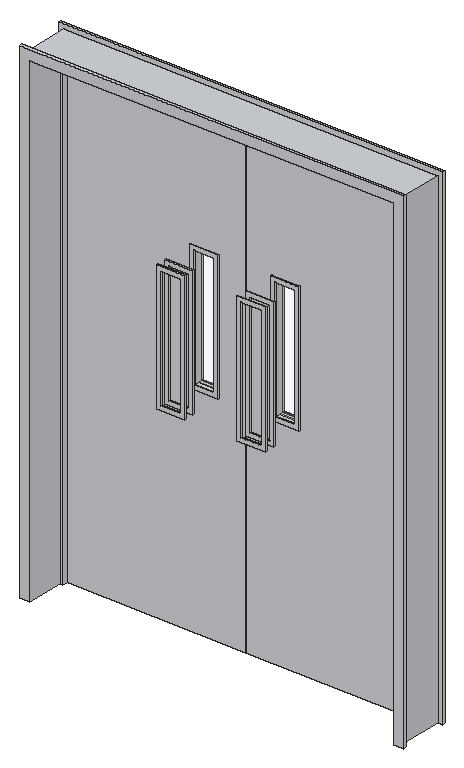
Revit family "DOOR_Double Flush_Vision Lites", category Doors, host Wall, Revit 2024
Family settings
  Host = Wall
  Always vertical = Yes
  Cut with Voids When Loaded = No
  Shared = No
  Room Calculation Point = No
Parameters (values of type "1800mm x 2400mm")
  Width_Panel = Width / 2  # 900 mm
  Vision Panel Width = 100 mm
  Vision Panel Height = 600 mm
  Vision Panel Frame Width = 20 mm
  Vision Panel Distance to Top = 700 mm
  Vision Panel Distance to Edge = 150 mm
  Vision Panel Depth = 25 mm
  Thickness = 45 mm
  Rough Width = Width + (2 * Rough In Gap)  # 1850 mm
  Rough In Gap = 25 mm
  Rough Height [instance] = Height + Rough In Gap  # 2425 mm
  EA_Repath [instance] = 0 mm
  Double Swing - Right Door [instance] = no
  Rabbit Width = 16 mm
  Rabbit Inset Distance from Front Trim = 45 mm
  Rabbit Depth = 25 mm
  Double Swing - Left Door [instance] = no
  Height = 2400 mm
  Wall Closure = By host
  Width = 1800 mm
  Function = Interior
  Frame Trim Width = 50 mm
  Frame Trim Thickness = 12.5 mm
  Double ADA Clearance Lines [instance] = no
  Door_$Panel_Material [instance] = none
  Door_$Leaf1_3DSwing_Angle [instance] = 0.00°
  Door_$Leaf1_2DSwing_Angle [instance] = 90.00°
  Door_$Frame_Material [instance] = none
  Define Thermal Properties by = Schematic Type
  Assembly Code = "C1020"
  Analytic Construction = "<None>"
  Single ADA Clearance Lines [instance] = no
Types (3, lengths in mm): name | Vision Panel Distance to Top | Rough Height | Height
  1800mm x 2700mm | 1000 | 2725 | 2700
  1800mm x 2400mm | 700 | 2425 | 2400
  1800mm x 2100mm | 400 | 2125 | 2100
Reference planes
  plane 1 "Center (Front/Back)": y = 0
  plane 2 "Center (Left/Right)": x = 0
  plane 3 "Left": x = -900
  plane 4 "Right": x = 900
  plane 5 "Top": z = 2400
  plane 6: y = 114.3
  plane 7: y = -114.3
Forms (mm)
  Sweep 1, solid, material <- "Door_$Frame_Material"
    path origin (0, 0, 0) x (1, 0, 0) y (0, 0, 1)
      loop
        line (900, 0) -> (900, 2400) -> (-900, 2400) -> (-900, 0)
    profile origin (900, 0, 1200) x (-1, 0, 0) y (0, -1, 0)
      loop
        line (-25.4, 114.3) -> (-25.4, -114.3) -> (-50, -114.3) -> (-50, -126.8) -> (0, -126.8) -> (0, -81.8) -> (16, -81.8) -> (16, -56.8) -> (0, -56.8) -> (0, 126.8) -> (-50, 126.8) -> (-50, 114.3) -> (-25.4, 114.3)
  Extrusion 2, solid
    sketch origin (0, 126.4, 0) x (1, 0, 0) y (0, 0, -1)
      loop
        line (250, -1700) -> (250, -1100) -> (150, -1100) -> (150, -1700) -> (250, -1700)
      loop
        line (270, -1720) -> (270, -1080) -> (130, -1080) -> (130, -1720) -> (270, -1720)
    from 0 to 6.35
  Extrusion 3, solid
    sketch origin (0, 126.4, 0) x (0, 0, -1) y (-1, 0, 0)
      loop
        line (-1700, 250) -> (-1700, 150) -> (-1100, 150) -> (-1100, 250) -> (-1700, 250)
      loop
        line (-1080, 130) -> (-1080, 270) -> (-1720, 270) -> (-1720, 130) -> (-1080, 130)
    from 0 to 6.35
  Extrusion 4, solid
    sketch origin (0, 81.4, 0) x (0, 0, 1) y (-1, 0, 0)
      loop
        line (1100, 250) -> (1100, 150) -> (1700, 150) -> (1700, 250) -> (1100, 250)
      loop
        line (1080.95, 269.05) -> (1080.95, 130.95) -> (1719.05, 130.95) -> (1719.05, 269.05) -> (1080.95, 269.05)
    from 0 to 6.35
  Extrusion 5, solid
    sketch origin (0, 81.4, 0) x (1, 0, 0) y (0, 0, 1)
      loop
        line (250, 1100) -> (250, 1700) -> (150, 1700) -> (150, 1100) -> (250, 1100)
      loop
        line (270, 1080) -> (270, 1720) -> (130, 1720) -> (130, 1080) -> (270, 1080)
    from 0 to 6.35
  Extrusion 6, solid
    sketch origin (0, -126.4, 0) x (0, 0, -1) y (1, 0, 0)
      loop
        line (-1700, 150) -> (-1100, 150) -> (-1100, 250) -> (-1700, 250) -> (-1700, 150)
      loop
        line (-1720, 130) -> (-1080, 130) -> (-1080, 270) -> (-1720, 270) -> (-1720, 130)
    from 0 to 6.35
  Extrusion 7, solid
    sketch origin (0, -126.4, 0) x (-1, 0, 0) y (0, 0, -1)
      loop
        line (150, -1700) -> (250, -1700) -> (250, -1100) -> (150, -1100) -> (150, -1700)
      loop
        line (270, -1080) -> (130, -1080) -> (130, -1720) -> (270, -1720) -> (270, -1080)
    from 0 to 6.35
  Extrusion 8, solid
    sketch origin (0, -81.4, 0) x (0, 0, 1) y (1, 0, 0)
      loop
        line (1700, 250) -> (1100, 250) -> (1100, 150) -> (1700, 150) -> (1700, 250)
      loop
        line (1720, 270) -> (1080, 270) -> (1080, 130) -> (1720, 130) -> (1720, 270)
    from 0 to 6.35
  Extrusion 9, solid
    sketch origin (0, -81.4, 0) x (-1, 0, 0) y (0, 0, 1)
      loop
        line (250, 1700) -> (150, 1700) -> (150, 1100) -> (250, 1100) -> (250, 1700)
      loop
        line (130, 1080) -> (270, 1080) -> (270, 1720) -> (130, 1720) -> (130, 1080)
    from 0 to 6.35
Lines and regions (mm)
  Opening 1
    outline origin (-2286, -114.3, 0) x (1, 0, 0) y (0, 0, 1)
      loop
        line (1361, 0) -> (3211, 0) -> (3211, 2425) -> (1361, 2425) -> (1361, 0)
  symbolic lines, style "Elevation Swing"
    curve 1: line (0, 114.3, 0) -> (-900, 114.3, 1200)
    curve 2: line (-900, 114.3, 1200) -> (0, 114.3, 2400)
    curve 3: line (0, 114.3, 0) -> (900, 114.3, 1200)
    curve 4: line (900, 114.3, 1200) -> (0, 114.3, 2400)
  symbolic lines, style "ADA Clearance Lines", visible <- "Single ADA Clearance Lines"
    curve 5: line (-855.55, 1638.3, 0) -> (855.55, 1638.3, 0)
    curve 6: line (-855.55, -1333.5, 0) -> (-855.55, 1638.3, 0)
    curve 7: line (855.55, -1333.5, 0) -> (-855.55, -1333.5, 0)
    curve 8: line (855.55, 1638.3, 0) -> (855.55, -1333.5, 0)
  symbolic lines, style "Doors"
    curve 9: line (0, -127, 0) -> (0, 127, 0)
  symbolic lines, style "ADA Clearance Lines", visible <- "Double ADA Clearance Lines"
    curve 10: line (-855.55, 1638.3, 0) -> (855.55, 1638.3, 0)
    curve 11: line (-855.55, -1638.3, 0) -> (-855.55, 1638.3, 0)
    curve 12: line (855.55, -1638.3, 0) -> (-855.55, -1638.3, 0)
    curve 13: line (855.55, 1638.3, 0) -> (855.55, -1638.3, 0)
Text (mm)
  text "Exterior" at (-1904.17, 693.701, 0), in view "Ref. Level"
  text "Interior" at (-1904.17, -638.649, 0), in view "Ref. Level"
  text "Exterior" at (0, 1019.848, 3124.603), in view "Right"
  text "Interior" at (0, -1635.541, 3124.603), in view "Right"
  text "Interior" at (0, -787.806, 3124.376), in view "Left"
  text "Exterior" at (0, 1386.095, 3124.376), in view "Left"
Dimensions and locks
  equal spacing: plane 3 "Left", plane 2 "Center (Left/Right)", plane 4 "Right"
  "Height": level to plane 5 "Top"
  "Width": plane 3 "Left" to plane 4 "Right"
  equal spacing: host wall, curve 2, plane 5 "Top"
  "Rough In Gap": plane 4 "Right" to Opening 1 sketch curve
  "Rough In Gap": Opening 1 sketch curve to plane 3 "Left"
  "Rough In Gap": plane 5 "Top" to Opening 1 sketch curve
  "Frame Trim Thickness": Sweep 1 sketch curve to host wall
  "Rabbit Depth": Sweep 1 sketch curve to Sweep 1 sketch curve
  "Rabbit Inset Distance from Front Trim": Sweep 1 sketch curve to Sweep 1 sketch curve
  "Frame Trim Width": plane 4 "Right" to Sweep 1 sketch curve  (x2)
  "Rabbit Width": Sweep 1 sketch curve to plane 4 "Right"
  "Frame Trim Thickness": host wall to Sweep 1 sketch curve
  "Thickness": nested 1 to Sweep 1
  "Thickness": nested 2 to Sweep 1
  equal spacing: level, curve 4, plane 5 "Top"
  "Vision Panel Frame Width": Extrusion 2 sketch curve to Extrusion 2 sketch curve  (x4)
  "Vision Panel Frame Width": Extrusion 3 sketch curve to Extrusion 3 sketch curve  (x4)
  "Vision Panel Frame Width": Extrusion 2 to Extrusion 5 sketch curve  (x3)
  "Vision Panel Frame Width": Extrusion 5 sketch curve to Extrusion 2
  curve 7 to plane 7 = 1219.2 mm
  curve 5 to plane 6 = 1524 mm
  curve 10 to plane 6 = 1524 mm
  curve 12 to plane 7 = 1524 mm
  "Vision Panel Frame Width": Extrusion 6 sketch curve to Extrusion 6 sketch curve  (x4)
  "Vision Panel Frame Width": Extrusion 7 sketch curve to Extrusion 7 sketch curve  (x4)
  "Vision Panel Frame Width": Extrusion 8 sketch curve to Extrusion 8 sketch curve  (x4)
  "Vision Panel Frame Width": Extrusion 9 sketch curve to Extrusion 9 sketch curve  (x4)
  aligned and locked: Opening 1 sketch curve to level
  aligned and locked: plane 3 "Left" to curve 1
  aligned and locked: plane 5 "Top" to curve 2
  aligned and locked: plane 4 "Right" to Sweep 1 sketch curve
  aligned and locked: Sweep 1 sketch curve to plane 3 "Left"
  aligned and locked: plane 5 "Top" to Sweep 1 sketch curve
  aligned and locked: host wall to Sweep 1 sketch curve  (x2)
  aligned and locked: Sweep 1 sketch curve to plane 4 "Right"  (x2)
  aligned and locked: nested 1 to plane 3 "Left"
  aligned and locked: nested 2 to plane 4 "Right"
  aligned and locked: Extrusion 2 sketch curve to nested 2  (x4)
  aligned and locked: Extrusion 3 sketch curve to nested 1  (x3)
  aligned and locked: nested 1 to Extrusion 3 sketch curve
  aligned and locked: Extrusion 4 sketch curve to nested 1  (x4)
  aligned and locked: Extrusion 5 sketch curve to Extrusion 2  (x4)
  aligned and locked: plane 6 to host wall
  aligned and locked: plane 7 to host wall
  aligned and locked: Sweep 1 to nested 3
  aligned and locked: plane 3 "Left" to nested 3
  aligned and locked: plane 4 "Right" to nested 4
  aligned and locked: nested 4 to Sweep 1
  aligned and locked: plane 2 "Center (Left/Right)" to curve 9
Automatic sketch dimensions
  curve 1 to level = 0 mm
  curve 2 to plane 2 "Center (Left/Right)" = 0 mm
  curve 1 to plane 2 "Center (Left/Right)" = 0 mm
  Sweep 1 sketch curve to level = 0 mm  (x2)
  profile plane to Sweep 1 sketch curve = 25.4 mm
  plane 4 "Right" to curve 3 = 0 mm
  curve 4 to plane 2 "Center (Left/Right)" = 0 mm
  curve 3 to level = 0 mm
  curve 3 to plane 2 "Center (Left/Right)" = 0 mm
  curve 4 to plane 5 "Top" = 0 mm
  curve 5 to plane 3 "Left" = 44.45 mm
  plane 4 "Right" to curve 10 = 44.45 mm
  host wall to curve 9 = 12.7 mm  (x2)
  Extrusion 4 sketch curve to nested 1 = 19.05 mm  (x4)
  Extrusion 6 sketch curve to nested 4 = 0 mm  (x3)
  nested 4 to Extrusion 6 sketch curve = 0 mm
  Extrusion 7 sketch curve to nested 3 = 0 mm  (x4)
  Extrusion 8 sketch curve to nested 4 = 0 mm  (x4)
  Extrusion 9 sketch curve to nested 3 = 0 mm  (x3)
  nested 3 to Extrusion 9 sketch curve = 0 mm
Nested families
  nested 1: "Door_Vision Panel_Adjustable" at (-900, 126.8, 0), Panel Thickness <- "Thickness", Panel Width <- "Width_Panel", Panel Height <- "Height", Panel Material <- "Door_$Panel_Material", Opening Angle <- "Door_$Leaf1_3DSwing_Angle", type "Door_Panel_Adjustable"
    with Panel Width 900 mm, Panel Thickness 45 mm, Panel Material none, Panel Height 2400 mm, Opening Angle 0.00°, Vision Panel Width 100 mm, Vision Panel Height 600 mm, Vision Panel Distance to Top 700 mm, Vision Panel Distance to Edge 150 mm, Vision Panel Depth 25 mm
  nested 2: "Door_Vision Panel_Adjustable" at (900, 126.8, 0) x (-1, 0, 0) z (0, 0, 1), Panel Thickness <- "Thickness", Panel Width <- "Width_Panel", Panel Height <- "Height", Panel Material <- "Door_$Panel_Material", Opening Angle <- "Door_$Leaf1_3DSwing_Angle", type "Door_Panel_Adjustable"
    with Panel Width 900 mm, Panel Thickness 45 mm, Panel Material none, Panel Height 2400 mm, Opening Angle 0.00°, Vision Panel Width 100 mm, Vision Panel Height 600 mm, Vision Panel Distance to Top 700 mm, Vision Panel Distance to Edge 150 mm, Vision Panel Depth 25 mm
  nested 3: "Door_Vision Panel_Adjustable" at (-900, -126.8, 0), Panel Thickness <- "Thickness", Panel Width <- "Width_Panel", Panel Height <- "Height", Panel Material <- "Door_$Panel_Material", visible <- "Double Swing - Right Door", Opening Angle <- "Door_$Leaf1_3DSwing_Angle", type "Door_Panel_Adjustable"
    with Panel Width 900 mm, Panel Thickness 45 mm, Panel Material none, Panel Height 2400 mm, Opening Angle 0.00°, Vision Panel Width 100 mm, Vision Panel Height 600 mm, Vision Panel Distance to Top 700 mm, Vision Panel Distance to Edge 150 mm, Vision Panel Depth 25 mm
  nested 4: "Door_Vision Panel_Adjustable" at (900, -126.8, 0) x (-1, 0, 0) z (0, 0, 1), Panel Thickness <- "Thickness", Panel Width <- "Width_Panel", Panel Height <- "Height", Panel Material <- "Door_$Panel_Material", visible <- "Double Swing - Left Door", Opening Angle <- "Door_$Leaf1_3DSwing_Angle", type "Door_Panel_Adjustable"
    with Panel Width 900 mm, Panel Thickness 45 mm, Panel Material none, Panel Height 2400 mm, Opening Angle 0.00°, Vision Panel Width 100 mm, Vision Panel Height 600 mm, Vision Panel Distance to Top 700 mm, Vision Panel Distance to Edge 150 mm, Vision Panel Depth 25 mm
Definition of nested family "Door_Vision Panel_Adjustable"
  Parameters
    Vision Panel Width = 228.6 mm
    Vision Panel Height = 914.4 mm
    Vision Panel Distance to Top = 304.8 mm
    Vision Panel Distance to Edge = 152.4 mm
    Vision Panel Depth = 25.4 mm
    Plan Linework Opening Angle = 90.00°
    Panel Width [instance] = 914.4 mm
    Panel Thickness [instance] = 44.45 mm
    Panel Material [instance] = none
    Panel Height [instance] = 2133.6 mm
    Panel Glazing Material = none
    Opening Angle [instance] = 30.00°
    Assembly Code = ""
  Reference planes
    plane 1 "Center (Front/Back)": y = 0
    plane 2: z = 0
    plane 3 "Center (Left/Right)": x = 0
  Lines and regions (mm)
    reference lines
      curve 1: line (0, 0, 0) -> (791.894, 457.2, 0)
  Dimensions and locks
    "Opening Angle": angle plane 1 "Center (Front/Back)" to curve 1
    aligned and locked: plane 3 "Center (Left/Right)" to curve 1
    aligned and locked: nested 1 to curve 1
    aligned and locked: plane 3 "Center (Left/Right)" to nested 2
    aligned and locked: plane 1 "Center (Front/Back)" to nested 2
  Automatic sketch dimensions
    curve 1 to plane 1 "Center (Front/Back)" = 0 mm
  Nested families
    nested 1: "Door_Panel_Vision" at (0, 0, 0) x (0.866, 0.5, 0) z (0, 0, 1), type "Door_Panel_Vision"
      with Vision Panel Width 228.6 mm
    nested 2: "Door_Panel_Linework" at (0, 0, 0), type "door panel swing"
      with Panel Thickness 44.45 mm, Panel Swing 90.00°
  Definition of nested family "Door_Panel_Vision"
    Parameters
      Vision Panel Width = 152.4 mm
      Vision Panel Height = 914.4 mm
      Vision Panel Distance to Top = 304.8 mm
      Vision Panel Distance to Edge = 152.4 mm
      Vision Panel Depth = 25.4 mm
      Thickness = 44.45 mm
      Panel Width = 914.4 mm
      Panel Material = none
      Panel Height = 2133.6 mm
      Glazing Thickness = 6.35 mm
      Glazing Material = none
      Default Elevation = 1219.2 mm
    Reference planes
      plane 1 "Center (Front/Back)": y = 0
      plane 2: z = 0
      plane 3 "Center (Left/Right)": x = 0
    Forms (mm)
      Extrusion 1, solid, material <- "Panel Material"
        sketch origin (457.2, 0, 0) x (1, 0, 0) y (0, 0, 1)
          loop
            line (-457.2, 0) -> (457.2, 0) -> (457.2, 2133.6) -> (-457.2, 2133.6) -> (-457.2, 0)
          loop
            line (152.4, 1828.8) -> (152.4, 914.4) -> (304.8, 914.4) -> (304.8, 1828.8) -> (152.4, 1828.8)
        from 0 to 44.45
      Extrusion 2, solid, material <- "Glazing Material"
        sketch origin (457.2, 0, 0) x (1, 0, 0) y (0, 0, 1)
          loop
            line (152.4, 1828.8) -> (152.4, 914.4) -> (304.8, 914.4) -> (304.8, 1828.8) -> (152.4, 1828.8)
        from 22.225 to 28.575
    Lines and regions (mm)
      reference lines
        curve 1: line (584.502, -25.4, 0) -> (794.052, -25.4, 0)
    Dimensions and locks
      "Panel Height": Extrusion 1 sketch curve to level
      "Panel Width": Extrusion 1 sketch curve to Extrusion 1 sketch curve
      "Vision Panel Distance to Edge": Extrusion 1 sketch curve to Extrusion 1 sketch curve
      "Vision Panel Width": Extrusion 1 sketch curve to Extrusion 1 sketch curve
      "Vision Panel Height": Extrusion 1 sketch curve to Extrusion 1 sketch curve
      "Vision Panel Distance to Top": Extrusion 1 sketch curve to Extrusion 1 sketch curve
      equal spacing: Extrusion 2, curve 1, Extrusion 2
      "Glazing Thickness": Extrusion 2 to Extrusion 2
      "Thickness": Extrusion 1 to plane 1 "Center (Front/Back)"
      "Vision Panel Depth": curve 1 to Extrusion 1
      aligned and locked: Extrusion 1 to Extrusion 2 sketch curve
      aligned and locked: Extrusion 2 sketch curve to Extrusion 1  (x3)
      aligned and locked: Extrusion 1 to plane 1 "Center (Front/Back)"
    Automatic sketch dimensions
      Extrusion 1 sketch curve to plane 3 "Center (Left/Right)" = 0 mm
      Extrusion 1 sketch curve to level = 0 mm
      plane 1 "Center (Front/Back)" to curve 1 = 25.4 mm
      plane 3 "Center (Left/Right)" to curve 1 = 584.502 mm
      curve 1 to curve 1 = 209.55 mm
  Definition of nested family "Door_Panel_Linework"
    Parameters
      Panel Thickness = 50.8 mm
      Panel Swing = 120.00°
      Panel Length = 914.4 mm
      Invisible Line_Height = 2133.6 mm
      Default Elevation = 1219.2 mm
      Assembly Code = ""
    Reference planes
      plane 1 "Center (Front/Back)": y = 0
      plane 2: z = 0
      plane 3 "Center (Left/Right)": x = 0
    Lines and regions (mm)
      symbolic lines
        curve 1: line (0, 0, 0) -> (-457.2, 791.894, 0)
        curve 2: line (-457.2, 791.894, 0) -> (-413.206, 817.294, 0)
        curve 3: line (0, 0, 0) -> (43.994, 25.4, 0)
        curve 4: line (43.994, 25.4, 0) -> (-413.206, 817.294, 0)
        curve 5: arc (-457.2, 791.894, 0) -> (458.618, 791.073, 0) -> (914.394, -3.277, 0) r 914.4
      model lines
        curve 6: line (0, 0, 0) -> (0, 0, 2133.6)
    Dimensions and locks
      "Panel Thickness": curve 4 to curve 1
      "Panel Length": curve 3 to curve 2
      locked: curve 5 to plane 1 "Center (Front/Back)" at 3.277
      "Invisible Line_Height": curve 6 to level
      "Panel Swing": angle plane 1 "Center (Front/Back)" to curve 1
    Automatic sketch dimensions
      curve 5 to plane 1 "Center (Front/Back)" = 0 mm
      curve 5 to plane 3 "Center (Left/Right)" = 0 mm
      curve 3 to plane 1 "Center (Front/Back)" = 0 mm
      curve 3 to plane 3 "Center (Left/Right)" = 0 mm
      curve 6 to level = 0 mm
      plane 1 "Center (Front/Back)" to curve 6 = 0 mm
